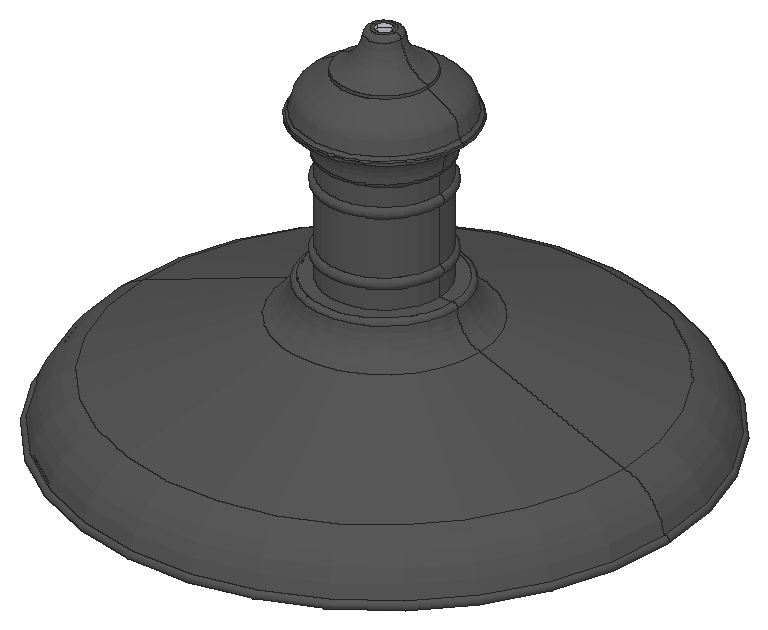
Revit family "TA18 SHADE", category Lighting Fixtures, Revit 2024
Family settings
  Round Connector Dimension = Use Diameter
  Part Type = Normal
  OmniClass Number = 23.80.70.00
  OmniClass Title = Lighting
  Work Plane-Based = No
  Always vertical = Yes
  Cut with Voids When Loaded = No
  Light Source = Yes
  Maintain Annotation Orientation = No
  Shared = No
  Room Calculation Point = No
Parameters
  Wattage = 12.1178 W
  built-in parameter 1150110 = 1 (stored number, unit not read)
  built-in parameter 1114217 = 1 (stored number, unit not read)
  built-in parameter 1150109 = 1 (stored number, unit not read)
  built-in parameter 1150134 = (empty or 0)
  built-in parameter 1150113 = 1 (stored number, unit not read)
  Lumens = 1800 lm
  built-in parameter 1150115 = 1 (stored number, unit not read)
  built-in parameter 1150105 = 572.96 (stored number, unit not read)
  Light Source Symbol Size = 2' - 0"
  built-in parameter 1150137 = (empty or 0)
  built-in parameter 1150139 = (empty or 0)
  built-in parameter 1150112 = 1 (stored number, unit not read)
  built-in parameter 1150114 = 1 (stored number, unit not read)
  built-in parameter 1150132 = 2
  built-in parameter 1150102 = (empty or 0)
  built-in parameter 1150138 = (empty or 0)
  built-in parameter 1150107 = 3000 (stored number, unit not read)
  built-in parameter 1150106 = 5.7296 (stored number, unit not read)
  built-in parameter 1150104 = 13.8 (stored number, unit not read)
  Dimming Lamp Color Temperature Shift = (empty or 0)
  Default Elevation = 0' - 0"
  Color Filter = 16777215
  built-in parameter 1114218 = 1 (stored number, unit not read)
  built-in parameter 1150133 = 10 (stored number, unit not read)
Reference planes (in)
  plane 1 "Light Source Axis (F/B)": y = 0
  plane 2: z = 0
  plane 3 "Light Source Axis (L/R)": x = 0
  plane 4 "Light Source Elevation": z = 54
Forms (in)
  Revolve 1, solid
    sketch origin (0, 0, 0) x (1, 0, 0) y (0, 0, 1)
      loop
        arc (-2.31292, 58.35875) -> (-2.51491, 57.76061) -> (-3.01797, 57.37916) r 1.07447
        line (-3.01797, 57.37916) -> (-7.61671, 55.6975)
        arc (-7.61671, 55.6975) -> (-8.42935, 55.13326) -> (-8.875, 54.25) r 2.01276
        arc (-8.875, 54.25) -> (-8.92261, 54.00942) -> (-8.78696, 54.21373) r 0.125
        arc (-8.78696, 54.21373) -> (-8.36404, 55.06546) -> (-7.58415, 55.60959) r 1.91901
        line (-7.58415, 55.60959) -> (-3.02749, 57.27675)
        arc (-3.02749, 57.27675) -> (-2.45138, 57.68872) -> (-2.21916, 58.35783) r 1.16822
        arc (-2.21916, 58.35783) -> (-2.20552, 58.39216) -> (-2.17147, 58.40645) r 0.0477
        line (-2.17147, 58.40645) -> (-1.65625, 58.40645) -> (-1.65625, 61.28145) -> (-1.65625, 62.0002) -> (-1.75774, 62.10169)
        arc (-1.75774, 62.10169) -> (-1.9179, 62.67544) -> (-2.35207, 63.08328) r 1.10775
        line (-2.35207, 63.08328) -> (-2.30159, 63.1798)
        spline (-2.30159, 63.1798) -> (-2.24698, 63.40783) -> (-2.21344, 63.52548) -> (-2.18719, 63.59156) -> (-2.16024, 63.63931) -> (-2.12608, 63.68458) -> (-2.08139, 63.73292) -> (-2.02181, 63.78644) -> (-1.94187, 63.84753) -> (-1.8361, 63.91746) -> (-1.69683, 63.99782) -> (-1.51473, 64.09055) -> (-1.28125, 64.1973)
        line (-1.28125, 64.1973) -> (-1.28125, 64.28091)
        arc (-1.28125, 64.28091) -> (-0.70357, 64.68644) -> (-0.43742, 65.34014) r 1.25071
        arc (-0.43742, 65.34014) -> (-0.40318, 65.38795) -> (-0.3473, 65.40625) r 0.09449
        line (-0.3473, 65.40625) -> (-0.25, 65.40625) -> (-0.25, 65.5) -> (-0.3473, 65.5)
        arc (-0.3473, 65.5) -> (-0.46319, 65.4601) -> (-0.52994, 65.3573) r 0.18824
        arc (-0.52994, 65.3573) -> (-0.79553, 64.72206) -> (-1.375, 64.3502) r 1.15696
        line (-1.375, 64.3502) -> (-1.375, 64.25844)
        spline (-1.375, 64.25844) -> (-1.59626, 64.15511) -> (-1.7704, 64.0644) -> (-1.90553, 63.98463) -> (-2.00973, 63.91408) -> (-2.09063, 63.85103) -> (-2.15327, 63.79361) -> (-2.20189, 63.7399) -> (-2.24067, 63.68745) -> (-2.27331, 63.62849) -> (-2.3033, 63.55182) -> (-2.33835, 63.42826) -> (-2.39271, 63.20112)
        arc (-2.39271, 63.20112) -> (-2.41779, 63.14091) -> (-2.46875, 63.1002) r 0.13128
        arc (-2.46875, 63.1002) -> (-2.49085, 63.09105) -> (-2.5, 63.06895) r 0.03125
        line (-2.5, 63.06895) -> (-2.5, 63.0002) -> (-2.39552, 63.0002)
        arc (-2.39552, 63.0002) -> (-1.9981, 62.62688) -> (-1.85149, 62.10169) r 1.014
        arc (-1.85149, 62.10169) -> (-1.82176, 62.02993) -> (-1.75, 62.0002) r 0.10149
        line (-1.75, 62.0002) -> (-1.75, 61.40645)
        arc (-1.75, 61.40645) -> (-1.875, 61.2502) -> (-1.75, 61.09395) r 0.16016
        line (-1.75, 61.09395) -> (-1.75, 59.40645)
        arc (-1.75, 59.40645) -> (-1.875, 59.2502) -> (-1.75, 59.09395) r 0.16016
        line (-1.75, 59.09395) -> (-1.75, 58.5002) -> (-2.17147, 58.5002)
        arc (-2.17147, 58.5002) -> (-2.27149, 58.45877) -> (-2.31292, 58.35875) r 0.14145
      axis (0, 65.5) -> (0, 54.21373)
    angle from 0 to 360
Dimensions and locks (in)
  aligned and locked: plane 3 "Light Source Axis (L/R)" to imposter light
  aligned and locked: plane 1 "Light Source Axis (F/B)" to imposter light
  aligned and locked: plane 4 "Light Source Elevation" to imposter light
  aligned and locked: level to plane 2
